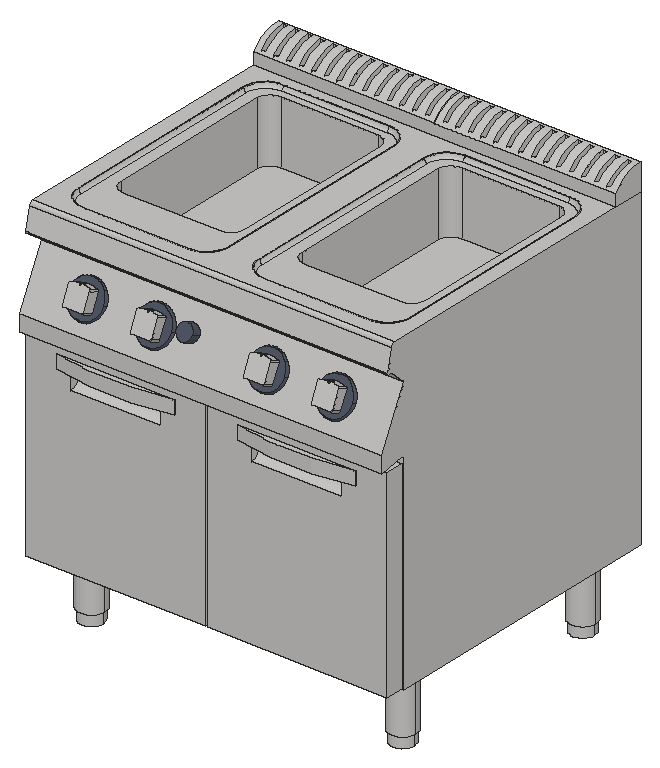
Revit family "QF_ZANUSSI_372351_Z7OOBSBAME", category Specialty Equipment, Revit 2018 (continued)
Automatic sketch dimensions
  Extrusion 9 sketch curve to Extrusion 9 sketch curve = 9.296 mm
  Extrusion 9 sketch curve to Extrusion 9 sketch curve = 57.15 mm
  plane 1 "BACK" to Extrusion 10 sketch curve = 6.761 mm
  plane 3 "LEFT" to Extrusion 10 sketch curve = 134.118 mm
  Extrusion 10 sketch curve to Extrusion 10 sketch curve = 9.296 mm
  Extrusion 10 sketch curve to Extrusion 10 sketch curve = 57.15 mm
  plane 1 "BACK" to Extrusion 11 sketch curve = 6.761 mm
  plane 3 "LEFT" to Extrusion 11 sketch curve = 161.96 mm
  Extrusion 11 sketch curve to Extrusion 11 sketch curve = 9.296 mm
  Extrusion 11 sketch curve to Extrusion 11 sketch curve = 57.15 mm
  plane 1 "BACK" to Extrusion 12 sketch curve = 6.761 mm
  plane 3 "LEFT" to Extrusion 12 sketch curve = 189.802 mm
  Extrusion 12 sketch curve to Extrusion 12 sketch curve = 9.296 mm
  Extrusion 12 sketch curve to Extrusion 12 sketch curve = 57.15 mm
  plane 1 "BACK" to Extrusion 13 sketch curve = 6.761 mm
  Extrusion 13 sketch curve to plane 7 "Center Y" = 182.405 mm
  Extrusion 13 sketch curve to Extrusion 13 sketch curve = 9.296 mm
  Extrusion 13 sketch curve to Extrusion 13 sketch curve = 57.15 mm
  plane 1 "BACK" to Extrusion 14 sketch curve = 6.761 mm
  Extrusion 14 sketch curve to plane 7 "Center Y" = 154.563 mm
  Extrusion 14 sketch curve to Extrusion 14 sketch curve = 9.296 mm
  Extrusion 14 sketch curve to Extrusion 14 sketch curve = 57.15 mm
  plane 1 "BACK" to Extrusion 15 sketch curve = 6.761 mm
  Extrusion 15 sketch curve to plane 7 "Center Y" = 126.721 mm
  Extrusion 15 sketch curve to Extrusion 15 sketch curve = 9.296 mm
  Extrusion 15 sketch curve to Extrusion 15 sketch curve = 57.15 mm
  plane 1 "BACK" to Extrusion 16 sketch curve = 6.761 mm
  Extrusion 16 sketch curve to plane 7 "Center Y" = 98.878 mm
  Extrusion 16 sketch curve to Extrusion 16 sketch curve = 9.296 mm
  Extrusion 16 sketch curve to Extrusion 16 sketch curve = 57.15 mm
  plane 1 "BACK" to Extrusion 17 sketch curve = 6.761 mm
  Extrusion 17 sketch curve to plane 7 "Center Y" = 71.036 mm
  Extrusion 17 sketch curve to Extrusion 17 sketch curve = 9.296 mm
  Extrusion 17 sketch curve to Extrusion 17 sketch curve = 57.15 mm
  plane 1 "BACK" to Extrusion 18 sketch curve = 6.761 mm
  Extrusion 18 sketch curve to plane 7 "Center Y" = 43.194 mm
  Extrusion 18 sketch curve to Extrusion 18 sketch curve = 9.296 mm
  Extrusion 18 sketch curve to Extrusion 18 sketch curve = 57.15 mm
  Extrusion 20 sketch curve to plane 1 "BACK" = 6.761 mm
  Extrusion 20 sketch curve to plane 7 "Center Y" = 15.351 mm
  Extrusion 20 sketch curve to Extrusion 20 sketch curve = 9.296 mm
  Extrusion 20 sketch curve to Extrusion 20 sketch curve = 57.15 mm
  Extrusion 27 sketch curve to plane 1 "BACK" = 6.761 mm
  Extrusion 27 sketch curve to plane 7 "Center Y" = 182.405 mm
  Extrusion 27 sketch curve to Extrusion 27 sketch curve = 9.296 mm
  Extrusion 27 sketch curve to Extrusion 27 sketch curve = 57.15 mm
  Extrusion 28 sketch curve to plane 1 "BACK" = 6.761 mm
  Extrusion 28 sketch curve to plane 7 "Center Y" = 154.563 mm
  Extrusion 28 sketch curve to Extrusion 28 sketch curve = 9.296 mm
  Extrusion 28 sketch curve to Extrusion 28 sketch curve = 57.15 mm
  Extrusion 29 sketch curve to plane 1 "BACK" = 6.761 mm
  Extrusion 29 sketch curve to plane 7 "Center Y" = 126.721 mm
  Extrusion 29 sketch curve to Extrusion 29 sketch curve = 9.296 mm
  Extrusion 29 sketch curve to Extrusion 29 sketch curve = 57.15 mm
  Extrusion 30 sketch curve to plane 1 "BACK" = 6.761 mm
  Extrusion 30 sketch curve to plane 7 "Center Y" = 98.878 mm
  Extrusion 30 sketch curve to Extrusion 30 sketch curve = 9.296 mm
  Extrusion 30 sketch curve to Extrusion 30 sketch curve = 57.15 mm
  Extrusion 31 sketch curve to plane 1 "BACK" = 6.761 mm
  Extrusion 31 sketch curve to plane 7 "Center Y" = 71.036 mm
  Extrusion 31 sketch curve to Extrusion 31 sketch curve = 9.296 mm
  Extrusion 31 sketch curve to Extrusion 31 sketch curve = 57.15 mm
  Extrusion 32 sketch curve to plane 1 "BACK" = 6.761 mm
  Extrusion 32 sketch curve to plane 7 "Center Y" = 43.194 mm
  Extrusion 32 sketch curve to Extrusion 32 sketch curve = 9.296 mm
  Extrusion 32 sketch curve to Extrusion 32 sketch curve = 57.15 mm
  plane 1 "BACK" to Extrusion 33 sketch curve = 0 mm
  plane 7 "Center Y" to Extrusion 33 sketch curve = 1.587 mm
  Extrusion 33 sketch curve to plane 7 "Center Y" = 1.588 mm
  Extrusion 33 sketch curve to Extrusion 33 sketch curve = 69.85 mm
  Revolve 34 sketch curve to level = 0 mm
  Revolve 34 sketch curve to plane 14 = 0 mm  (x2)
  level to Revolve 34 sketch curve = 25 mm
  plane 3 "LEFT" to Revolve 34 sketch curve = 56 mm
  plane 3 "LEFT" to Revolve 34 sketch curve = 29.75 mm
  plane 3 "LEFT" to Revolve 34 sketch curve = 26 mm
  Revolve 34 sketch curve to Revolve 34 sketch curve = 20 mm
  Revolve 34 sketch curve to Revolve 34 sketch curve = 0 mm
  Revolve 35 sketch curve to level = 0 mm
  Revolve 35 sketch curve to plane 14 = 0 mm  (x2)
  level to Revolve 35 sketch curve = 25 mm
  plane 3 "LEFT" to Revolve 35 sketch curve = 56 mm
  plane 3 "LEFT" to Revolve 35 sketch curve = 29.75 mm
  plane 3 "LEFT" to Revolve 35 sketch curve = 26 mm
  Revolve 35 sketch curve to Revolve 35 sketch curve = 20 mm
  Revolve 35 sketch curve to Revolve 35 sketch curve = 0 mm
  Sweep 40 sketch curve to plane 11 = 2.62 mm  (x2)
  Sweep 40 sketch curve to plane 7 "Center Y" = 33.337 mm
  plane 11 to Sweep 40 sketch curve = 47.38 mm
  Sweep 40 sketch curve to plane 12 = 57.513 mm
  Sweep 40 sketch curve to Sweep 40 sketch curve = 50 mm  (x2)
  plane 3 "LEFT" to Sweep 40 sketch curve = 83.338 mm
  profile plane to Sweep 40 sketch curve = 0 mm
  Sweep 40 sketch curve to plane 10 "TOP A" = 0 mm
  Sweep 40 sketch curve to profile plane = 5.055 mm
  Sweep 40 sketch curve to profile plane = 14.151 mm
  Extrusion 42 sketch curve to plane 5 "FRONT" = 12.909 mm
  Extrusion 42 sketch curve to plane 5 "FRONT" = 15 mm
  Extrusion 42 sketch curve to Extrusion 42 sketch curve = 22 mm
  Extrusion 42 sketch curve to plane 9 "BASE" = 83 mm
  Extrusion 42 sketch curve to Extrusion 42 sketch curve = 26 mm
  Extrusion 43 sketch curve to plane 5 "FRONT" = 15 mm
  Extrusion 43 sketch curve to plane 7 "Center Y" = 69.727 mm
  Extrusion 43 sketch curve to plane 12 = 42.135 mm
  plane 3 "LEFT" to Extrusion 43 sketch curve = 200 mm
  plane 3 "LEFT" to Extrusion 43 sketch curve = 69.727 mm
  Extrusion 43 sketch curve to Extrusion 43 sketch curve = 0.915 mm
  Extrusion 44 sketch curve to plane 5 "FRONT" = 12.909 mm
  Extrusion 44 sketch curve to plane 5 "FRONT" = 15 mm
  Extrusion 44 sketch curve to Extrusion 44 sketch curve = 22 mm
  Extrusion 44 sketch curve to plane 9 "BASE" = 83 mm
  Extrusion 44 sketch curve to Extrusion 44 sketch curve = 26 mm
  Extrusion 47 sketch curve to plane 5 "FRONT" = 9.329 mm
  Extrusion 47 sketch curve to plane 10 "TOP A" = 112.016 mm
  Extrusion 47 sketch curve to Extrusion 47 sketch curve = 3 mm
  Extrusion 47 sketch curve to Extrusion 47 sketch curve = 0 mm
  Extrusion 47 sketch curve to Extrusion 47 sketch curve = 1 mm  (x2)
  Extrusion 47 sketch curve to Extrusion 47 sketch curve = 15 mm
  plane 7 "Center Y" to Extrusion 48 sketch curve = 142.5 mm
  Extrusion 48 sketch curve to Extrusion 48 sketch curve = 35 mm  (x2)
  plane 7 "Center Y" to Extrusion 49 sketch curve = 148 mm
  Extrusion 49 sketch curve to Extrusion 49 sketch curve = 2.997 mm  (x3)
  Extrusion 49 sketch curve to Extrusion 49 sketch curve = 20.003 mm  (x2)
  Extrusion 49 sketch curve to Extrusion 49 sketch curve = 40.005 mm
  Extrusion 49 sketch curve to Extrusion 49 sketch curve = 0 mm  (x2)
  Extrusion 49 sketch curve to Extrusion 49 sketch curve = 40.037 mm
  Extrusion 49 sketch curve to Extrusion 49 sketch curve = 5.399 mm
  plane 7 "Center Y" to Blend 50 sketch curve = 125 mm  (x2)
  Split face 4 sketch curve to Split face 4 sketch curve = 5.909 mm
  Split face 4 sketch curve to Split face 4 sketch curve = 7.246 mm
  Split face 4 sketch curve to Split face 4 sketch curve = 3.443 mm
  Split face 4 sketch curve to Split face 4 sketch curve = 29.925 mm
  Split face 4 sketch curve to Split face 4 sketch curve = 2.301 mm
  Split face 4 sketch curve to Split face 4 sketch curve = 4.103 mm
  Split face 4 sketch curve to Split face 4 sketch curve = 17.932 mm
  Split face 4 sketch curve to Split face 4 sketch curve = 1.038 mm
  Split face 5 sketch curve to Split face 5 sketch curve = 3.262 mm
  Split face 5 sketch curve to Split face 5 sketch curve = 18.383 mm
  Split face 5 sketch curve to Split face 5 sketch curve = 2.301 mm
  Split face 5 sketch curve to Split face 5 sketch curve = 19.446 mm
  Split face 5 sketch curve to Split face 5 sketch curve = 1.519 mm
  Split face 5 sketch curve to Split face 5 sketch curve = 1.27 mm
  Split face 5 sketch curve to Split face 5 sketch curve = 1.944 mm
  Split face 5 sketch curve to Split face 5 sketch curve = 4.176 mm
  Split face 6 sketch curve to Split face 6 sketch curve = 2.301 mm
  Split face 6 sketch curve to Split face 6 sketch curve = 20.366 mm
  Split face 6 sketch curve to Split face 6 sketch curve = 1.542 mm
  Split face 6 sketch curve to Split face 6 sketch curve = 12.353 mm
  Split face 6 sketch curve to Split face 6 sketch curve = 1.391 mm
  Split face 6 sketch curve to Split face 6 sketch curve = 1.838 mm
  Split face 6 sketch curve to Split face 6 sketch curve = 25.358 mm
  Split face 7 sketch curve to Split face 7 sketch curve = 1.002 mm
  Split face 7 sketch curve to Split face 7 sketch curve = 2.982 mm
  Split face 7 sketch curve to Split face 7 sketch curve = 2.127 mm
  Split face 7 sketch curve to Split face 7 sketch curve = 2.188 mm
  Split face 7 sketch curve to Split face 7 sketch curve = 0.76 mm
  Split face 7 sketch curve to Split face 7 sketch curve = 0.795 mm
  Split face 7 sketch curve to Split face 7 sketch curve = 3.192 mm
  Split face 7 sketch curve to Split face 7 sketch curve = 0.559 mm
  Extrusion 51 sketch curve to plane 7 "Center Y" = 47.491 mm
  Extrusion 52 sketch curve to plane 7 "Center Y" = 47.491 mm
  Extrusion 53 sketch curve to plane 5 "FRONT" = 9.329 mm
  Extrusion 53 sketch curve to plane 10 "TOP A" = 112.016 mm
  Extrusion 53 sketch curve to Extrusion 53 sketch curve = 3 mm
  Extrusion 53 sketch curve to Extrusion 53 sketch curve = 0 mm
  Extrusion 53 sketch curve to Extrusion 53 sketch curve = 1 mm  (x2)
  Extrusion 53 sketch curve to Extrusion 53 sketch curve = 15 mm
  Extrusion 57 sketch curve to plane 5 "FRONT" = 9.329 mm
  Extrusion 57 sketch curve to plane 10 "TOP A" = 112.016 mm
  Extrusion 57 sketch curve to Extrusion 57 sketch curve = 3 mm
  Extrusion 57 sketch curve to Extrusion 57 sketch curve = 0 mm
  Extrusion 57 sketch curve to Extrusion 57 sketch curve = 1 mm  (x2)
  Extrusion 57 sketch curve to Extrusion 57 sketch curve = 15 mm
  plane 3 "LEFT" to Extrusion 58 sketch curve = 142.5 mm
  Extrusion 58 sketch curve to Extrusion 58 sketch curve = 35 mm  (x2)
  plane 3 "LEFT" to Extrusion 59 sketch curve = 148 mm
  Extrusion 59 sketch curve to Extrusion 59 sketch curve = 2.997 mm  (x3)
  Extrusion 59 sketch curve to Extrusion 59 sketch curve = 20.003 mm  (x2)
  Extrusion 59 sketch curve to Extrusion 59 sketch curve = 40.005 mm
  Extrusion 59 sketch curve to Extrusion 59 sketch curve = 0 mm  (x2)
  Extrusion 59 sketch curve to Extrusion 59 sketch curve = 40.037 mm
  Extrusion 59 sketch curve to Extrusion 59 sketch curve = 5.399 mm
  plane 3 "LEFT" to Blend 60 sketch curve = 125 mm  (x2)
  Split face 12 sketch curve to Split face 12 sketch curve = 5.909 mm
  Split face 12 sketch curve to Split face 12 sketch curve = 7.246 mm
  Split face 12 sketch curve to Split face 12 sketch curve = 3.443 mm
  Split face 12 sketch curve to Split face 12 sketch curve = 29.925 mm
  Split face 12 sketch curve to Split face 12 sketch curve = 2.301 mm
  Split face 12 sketch curve to Split face 12 sketch curve = 4.103 mm
  Split face 12 sketch curve to Split face 12 sketch curve = 17.932 mm
  Split face 12 sketch curve to Split face 12 sketch curve = 1.038 mm
  Split face 13 sketch curve to Split face 13 sketch curve = 3.262 mm
  Split face 13 sketch curve to Split face 13 sketch curve = 18.383 mm
  Split face 13 sketch curve to Split face 13 sketch curve = 2.301 mm
  Split face 13 sketch curve to Split face 13 sketch curve = 19.446 mm
  Split face 13 sketch curve to Split face 13 sketch curve = 1.519 mm
  Split face 13 sketch curve to Split face 13 sketch curve = 1.27 mm
  Split face 13 sketch curve to Split face 13 sketch curve = 1.944 mm
  Split face 13 sketch curve to Split face 13 sketch curve = 4.176 mm
  Split face 14 sketch curve to Split face 14 sketch curve = 2.301 mm
  Split face 14 sketch curve to Split face 14 sketch curve = 20.366 mm
  Split face 14 sketch curve to Split face 14 sketch curve = 1.542 mm
  Split face 14 sketch curve to Split face 14 sketch curve = 12.353 mm
  Split face 14 sketch curve to Split face 14 sketch curve = 1.391 mm
  Split face 14 sketch curve to Split face 14 sketch curve = 1.838 mm
  Split face 14 sketch curve to Split face 14 sketch curve = 25.358 mm
  Split face 15 sketch curve to Split face 15 sketch curve = 1.002 mm
  Split face 15 sketch curve to Split face 15 sketch curve = 2.982 mm
  Split face 15 sketch curve to Split face 15 sketch curve = 2.127 mm
  Split face 15 sketch curve to Split face 15 sketch curve = 2.188 mm
  Split face 15 sketch curve to Split face 15 sketch curve = 0.76 mm
  Split face 15 sketch curve to Split face 15 sketch curve = 0.795 mm
  Split face 15 sketch curve to Split face 15 sketch curve = 3.192 mm
  Split face 15 sketch curve to Split face 15 sketch curve = 0.559 mm
  Extrusion 61 sketch curve to plane 5 "FRONT" = 9.329 mm
  Extrusion 61 sketch curve to plane 10 "TOP A" = 112.016 mm
  Extrusion 61 sketch curve to Extrusion 61 sketch curve = 3 mm
  Extrusion 61 sketch curve to Extrusion 61 sketch curve = 0 mm
  Extrusion 61 sketch curve to Extrusion 61 sketch curve = 1 mm  (x2)
  Extrusion 61 sketch curve to Extrusion 61 sketch curve = 15 mm
  Extrusion 62 sketch curve to plane 7 "Center Y" = 107.5 mm
  Extrusion 62 sketch curve to Extrusion 62 sketch curve = 35 mm  (x2)
  Extrusion 63 sketch curve to plane 7 "Center Y" = 102 mm
  Extrusion 63 sketch curve to Extrusion 63 sketch curve = 2.997 mm  (x3)
  Extrusion 63 sketch curve to Extrusion 63 sketch curve = 20.003 mm  (x2)
  Extrusion 63 sketch curve to Extrusion 63 sketch curve = 40.005 mm
  Extrusion 63 sketch curve to Extrusion 63 sketch curve = 0 mm  (x2)
  Extrusion 63 sketch curve to Extrusion 63 sketch curve = 40.037 mm
  Extrusion 63 sketch curve to Extrusion 63 sketch curve = 5.399 mm
  Blend 64 sketch curve to plane 7 "Center Y" = 125 mm  (x2)
  Split face 16 sketch curve to Split face 16 sketch curve = 6 mm
  Split face 16 sketch curve to Split face 16 sketch curve = 30.402 mm
  Split face 16 sketch curve to Split face 16 sketch curve = 9.201 mm
  Split face 16 sketch curve to Split face 16 sketch curve = 2.43 mm
  Split face 16 sketch curve to Split face 16 sketch curve = 0.785 mm
  Extrusion 65 sketch curve to plane 9 "BASE" = 0 mm
  plane 7 "Center Y" to Extrusion 65 sketch curve = 2.13 mm
  plane 14 to Extrusion 65 sketch curve = 5 mm
  Extrusion 65 sketch curve to plane 7 "Center Y" = 2.13 mm
  Extrusion 2 sketch curve to plane 10 "TOP A" = 0 mm
  Extrusion 2 sketch curve to plane 1 "BACK" = 0 mm
  Extrusion 2 sketch curve to plane 6 "TOP" = 0 mm
  plane 1 "BACK" to Extrusion 2 sketch curve = 1.769 mm
  plane 10 "TOP A" to Extrusion 2 sketch curve = 25.4 mm
  plane 1 "BACK" to Extrusion 2 sketch curve = 69.85 mm
  Extrusion 3 sketch curve to plane 12 = 7.513 mm  (x3)
  Extrusion 3 sketch curve to plane 4 "RIGHT" = 33.338 mm
  Extrusion 3 sketch curve to plane 12 = 57.513 mm
  Extrusion 3 sketch curve to plane 11 = 2.62 mm  (x3)
  Extrusion 3 sketch curve to Extrusion 3 sketch curve = 50 mm  (x4)
  plane 7 "Center Y" to Extrusion 3 sketch curve = 83.337 mm
  Extrusion 3 sketch curve to plane 7 "Center Y" = 33.337 mm
  plane 3 "LEFT" to Extrusion 3 sketch curve = 83.338 mm  (x2)
  plane 5 "FRONT" to Extrusion 5 sketch curve = 0 mm  (x2)
  plane 1 "BACK" to Extrusion 5 sketch curve = 0 mm
  Extrusion 5 sketch curve to plane 3 "LEFT" = 0 mm
  Extrusion 5 sketch curve to plane 4 "RIGHT" = 0 mm
  Extrusion 5 sketch curve to plane 3 "LEFT" = 150.019 mm
  plane 4 "RIGHT" to Extrusion 5 sketch curve = 150.019 mm
  Extrusion 5 sketch curve to plane 1 "BACK" = 150.019 mm
  curve 128 to curve 150 = 0 mm  (x2)
  curve 130 to curve 144 = 0 mm
  curve 132 to curve 146 = 0 mm  (x2)
  curve 134 to curve 148 = 0 mm  (x2)
  curve 152 to curve 174 = 0 mm  (x2)
  curve 154 to curve 168 = 0 mm  (x2)
  curve 156 to curve 170 = 0 mm  (x2)
  curve 158 to curve 172 = 0 mm
  plane 1 "BACK" to curve 4 = 0 mm
  curve 4 to plane 4 "RIGHT" = 0 mm
  curve 97 to plane 4 "RIGHT" = 0 mm
  plane 5 "FRONT" to curve 98 = 0 mm
  plane 5 "FRONT" to curve 97 = 0 mm
  plane 5 "FRONT" to curve 95 = 0 mm
  plane 5 "FRONT" to curve 96 = 0 mm
  curve 4 to plane 3 "LEFT" = 0 mm
  curve 95 to plane 3 "LEFT" = 0 mm
  plane 5 "FRONT" to curve 5 = 0 mm
  plane 5 "FRONT" to curve 6 = 0 mm
  plane 4 "RIGHT" to curve 3 = 150.019 mm
  curve 52 to plane 4 "RIGHT" = 13.453 mm
  curve 51 to curve 50 = 9.296 mm
  curve 155 to plane 11 = 2.62 mm
  curve 155 to plane 4 "RIGHT" = 33.338 mm
  curve 155 to curve 169 = 5.055 mm
  plane 1 "BACK" to curve 58 = 6.761 mm
  curve 50 to curve 58 = 18.547 mm
  curve 57 to curve 56 = 9.296 mm
  curve 165 to plane 4 "RIGHT" = 63.338 mm
  plane 1 "BACK" to curve 61 = 6.761 mm
  curve 56 to curve 61 = 18.547 mm
  curve 60 to curve 61 = 9.296 mm
  curve 59 to curve 153 = 4.904 mm
  plane 11 to curve 157 = 47.38 mm
  curve 164 to curve 164 = 30 mm
  curve 154 to curve 166 = 10 mm
  plane 1 "BACK" to curve 63 = 6.761 mm
  curve 59 to curve 63 = 18.547 mm
  curve 63 to curve 64 = 9.296 mm
  plane 1 "BACK" to curve 66 = 6.761 mm
  curve 62 to curve 66 = 18.547 mm
  curve 66 to curve 65 = 9.296 mm
  plane 1 "BACK" to curve 69 = 6.761 mm
  curve 65 to curve 69 = 18.547 mm
  curve 69 to curve 70 = 9.296 mm
  plane 1 "BACK" to curve 72 = 6.761 mm
  curve 68 to curve 72 = 18.547 mm
  curve 72 to curve 71 = 9.296 mm
  plane 1 "BACK" to curve 75 = 6.761 mm
  curve 71 to curve 75 = 18.547 mm
  curve 75 to curve 76 = 9.296 mm
  plane 1 "BACK" to curve 79 = 6.761 mm
  curve 74 to curve 79 = 18.547 mm
  curve 78 to curve 79 = 9.296 mm
  plane 1 "BACK" to curve 81 = 6.761 mm
  curve 77 to curve 81 = 18.547 mm
  curve 81 to curve 80 = 9.296 mm
  plane 1 "BACK" to curve 85 = 6.761 mm
  curve 80 to curve 85 = 18.547 mm
  curve 84 to curve 83 = 9.296 mm
  plane 7 "Center Y" to curve 162 = 93.338 mm
  curve 83 to curve 159 = 5.541 mm
  plane 7 "Center Y" to curve 171 = 83.338 mm
  curve 160 to curve 174 = 10 mm
  plane 1 "BACK" to curve 88 = 6.761 mm
  curve 83 to curve 88 = 18.547 mm
  curve 87 to curve 86 = 9.296 mm
  curve 162 to curve 161 = 30.05 mm
  plane 7 "Center Y" to curve 98 = 54.971 mm
  plane 1 "BACK" to curve 91 = 6.761 mm
  curve 86 to curve 91 = 18.547 mm
  curve 90 to curve 89 = 9.296 mm
  curve 173 to plane 12 = 7.563 mm
  curve 160 to curve 173 = 24.895 mm
  plane 1 "BACK" to curve 54 = 6.761 mm
  curve 89 to curve 54 = 18.547 mm
  curve 54 to curve 53 = 9.296 mm
  plane 7 "Center Y" to curve 94 = 1.587 mm
  curve 93 to plane 7 "Center Y" = 1.588 mm
  plane 1 "BACK" to curve 11 = 6.761 mm
  curve 93 to curve 11 = 13.764 mm
  curve 11 to curve 13 = 9.296 mm
  curve 127 to plane 11 = 2.62 mm
  curve 127 to plane 7 "Center Y" = 33.338 mm
  curve 127 to curve 149 = 5.055 mm
  plane 1 "BACK" to curve 47 = 6.761 mm
  curve 12 to curve 47 = 18.547 mm
  curve 47 to curve 49 = 9.296 mm
  curve 96 to plane 7 "Center Y" = 54.971 mm
  curve 137 to plane 7 "Center Y" = 63.337 mm
  plane 1 "BACK" to curve 46 = 6.761 mm
  curve 48 to curve 46 = 18.547 mm
  curve 44 to curve 46 = 9.296 mm
  curve 148 to curve 148 = 44.945 mm
  curve 150 to plane 12 = 7.513 mm
  curve 137 to curve 150 = 20 mm
  curve 143 to curve 135 = 10 mm
  curve 137 to curve 139 = 30 mm
  plane 1 "BACK" to curve 41 = 6.761 mm
  curve 45 to curve 41 = 18.547 mm
  curve 41 to curve 42 = 9.296 mm
  plane 1 "BACK" to curve 40 = 6.761 mm
  curve 42 to curve 40 = 18.547 mm
  curve 38 to curve 40 = 9.296 mm
  plane 1 "BACK" to curve 35 = 6.761 mm
  curve 39 to curve 35 = 18.547 mm
  curve 35 to curve 37 = 9.296 mm
  plane 1 "BACK" to curve 34 = 6.761 mm
  curve 36 to curve 34 = 18.547 mm
  curve 32 to curve 34 = 9.296 mm
  plane 1 "BACK" to curve 31 = 6.761 mm
  curve 33 to curve 31 = 18.547 mm
  curve 29 to curve 30 = 9.296 mm
  plane 1 "BACK" to curve 28 = 6.761 mm
  curve 30 to curve 28 = 18.547 mm
  curve 26 to curve 28 = 9.296 mm
  plane 1 "BACK" to curve 23 = 6.761 mm
  curve 27 to curve 23 = 18.547 mm
  curve 23 to curve 25 = 9.296 mm
  plane 1 "BACK" to curve 20 = 6.761 mm
  curve 24 to curve 20 = 18.547 mm
  curve 20 to curve 22 = 9.296 mm
  plane 3 "LEFT" to curve 139 = 93.338 mm
  curve 142 to plane 12 = 7.513 mm
  curve 21 to curve 142 = 3.642 mm
  curve 146 to plane 11 = 2.62 mm
  curve 139 to curve 146 = 10 mm
  curve 142 to curve 143 = 10 mm
  plane 1 "BACK" to curve 17 = 6.761 mm
  curve 21 to curve 17 = 18.547 mm
  curve 17 to curve 18 = 9.296 mm
  curve 144 to curve 141 = 20 mm
  plane 1 "BACK" to curve 14 = 6.761 mm
  curve 18 to curve 14 = 18.547 mm
  curve 14 to curve 15 = 9.296 mm
  plane 1 "BACK" to curve 9 = 6.761 mm
  curve 15 to curve 9 = 18.547 mm
  curve 7 to curve 9 = 9.296 mm
  curve 1 to plane 3 "LEFT" = 150.019 mm
  curve 2 to plane 1 "BACK" = 150.019 mm
  plane 1 "BACK" to curve 50 = 6.761 mm
  curve 11 to curve 10 = 63.089 mm
  curve 10 to curve 94 = 0 mm
  curve 167 to curve 159 = 14.945 mm
  curve 161 to curve 158 = 80 mm
  curve 140 to curve 132 = 80 mm
  curve 95 to plane 5 "FRONT" = 42.863 mm
  curve 97 to plane 5 "FRONT" = 42.863 mm
  plane 5 "FRONT" to curve 96 = 156.356 mm
  curve 95 to curve 98 = 0 mm
  curve 98 to curve 157 = 9.097 mm
  curve 60 to curve 154 = 26.213 mm
  curve 62 to curve 154 = 26.213 mm
  curve 62 to curve 63 = 0 mm
  curve 59 to curve 60 = 0 mm
  curve 60 to curve 57 = 0 mm
  curve 56 to curve 57 = 0 mm
  curve 54 to curve 92 = 5.939 mm
  curve 65 to curve 62 = 0 mm
  curve 65 to curve 66 = 0 mm
  curve 53 to curve 54 = 0 mm
  curve 51 to curve 94 = 5.939 mm
  curve 50 to curve 51 = 0 mm
  curve 48 to curve 128 = 26.213 mm
  curve 68 to curve 65 = 0 mm
  curve 68 to curve 69 = 0 mm
  curve 48 to curve 47 = 0 mm
  curve 45 to curve 128 = 26.213 mm
  curve 45 to curve 44 = 0 mm
  curve 42 to curve 45 = 0 mm
  curve 71 to curve 68 = 0 mm
  curve 71 to curve 72 = 0 mm
  curve 42 to curve 41 = 0 mm
  curve 39 to curve 42 = 0 mm
  curve 39 to curve 38 = 0 mm
  curve 36 to curve 39 = 0 mm
  curve 74 to curve 71 = 0 mm
  curve 74 to curve 75 = 0 mm
  curve 36 to curve 35 = 0 mm
  curve 33 to curve 36 = 0 mm
  curve 33 to curve 32 = 0 mm
  curve 30 to curve 33 = 0 mm
  curve 77 to curve 74 = 0 mm
  curve 77 to curve 78 = 0 mm
  curve 30 to curve 29 = 0 mm
  curve 27 to curve 30 = 0 mm
  curve 27 to curve 26 = 0 mm
  curve 24 to curve 27 = 0 mm
  curve 80 to curve 77 = 0 mm
  curve 80 to curve 81 = 0 mm
  curve 24 to curve 23 = 0 mm
  curve 21 to curve 24 = 0 mm
  curve 21 to curve 20 = 0 mm
  curve 18 to curve 21 = 0 mm
  curve 83 to curve 80 = 0 mm
  curve 83 to curve 84 = 0 mm
  curve 18 to curve 17 = 0 mm
  curve 15 to curve 18 = 0 mm
  curve 15 to curve 14 = 0 mm
  curve 47 to curve 12 = 0 mm
  curve 86 to curve 83 = 0 mm
  curve 86 to curve 87 = 0 mm
  curve 12 to curve 11 = 0 mm
  curve 7 to curve 15 = 0 mm
  curve 90 to curve 86 = 0 mm
  curve 8 to curve 7 = 0 mm
  curve 89 to curve 90 = 0 mm
  plane 5 "FRONT" to curve 1 = 1.377 mm
  plane 5 "FRONT" to curve 3 = 1.377 mm
  Extrusion 19 sketch curve to plane 1 "BACK" = 6.761 mm
  plane 4 "RIGHT" to Extrusion 19 sketch curve = 22.749 mm
  Extrusion 19 sketch curve to Extrusion 19 sketch curve = 9.296 mm
  Extrusion 19 sketch curve to Extrusion 19 sketch curve = 57.15 mm
  Extrusion 21 sketch curve to plane 1 "BACK" = 6.761 mm
  plane 4 "RIGHT" to Extrusion 21 sketch curve = 50.591 mm
  Extrusion 21 sketch curve to Extrusion 21 sketch curve = 9.296 mm
  Extrusion 21 sketch curve to Extrusion 21 sketch curve = 57.15 mm
  Extrusion 22 sketch curve to plane 1 "BACK" = 6.761 mm
  plane 4 "RIGHT" to Extrusion 22 sketch curve = 78.433 mm
  Extrusion 22 sketch curve to Extrusion 22 sketch curve = 9.296 mm
  Extrusion 22 sketch curve to Extrusion 22 sketch curve = 57.15 mm
  Extrusion 23 sketch curve to plane 1 "BACK" = 6.761 mm
  plane 4 "RIGHT" to Extrusion 23 sketch curve = 106.275 mm
  Extrusion 23 sketch curve to Extrusion 23 sketch curve = 9.296 mm
  Extrusion 23 sketch curve to Extrusion 23 sketch curve = 57.15 mm
  Extrusion 24 sketch curve to plane 1 "BACK" = 6.761 mm
  plane 4 "RIGHT" to Extrusion 24 sketch curve = 134.118 mm
  Extrusion 24 sketch curve to Extrusion 24 sketch curve = 9.296 mm
  Extrusion 24 sketch curve to Extrusion 24 sketch curve = 57.15 mm
  Extrusion 25 sketch curve to plane 1 "BACK" = 6.761 mm
  plane 4 "RIGHT" to Extrusion 25 sketch curve = 161.96 mm
  Extrusion 25 sketch curve to Extrusion 25 sketch curve = 9.296 mm
  Extrusion 25 sketch curve to Extrusion 25 sketch curve = 57.15 mm
  Extrusion 26 sketch curve to plane 1 "BACK" = 6.761 mm
  plane 4 "RIGHT" to Extrusion 26 sketch curve = 189.802 mm
  Extrusion 26 sketch curve to Extrusion 26 sketch curve = 9.296 mm
  Extrusion 26 sketch curve to Extrusion 26 sketch curve = 57.15 mm
  Revolve 36 sketch curve to level = 0 mm
  Revolve 36 sketch curve to plane 14 = 0 mm  (x2)
  level to Revolve 36 sketch curve = 25 mm
  Revolve 36 sketch curve to plane 4 "RIGHT" = 26 mm
  Revolve 36 sketch curve to Revolve 36 sketch curve = 3.75 mm
  Revolve 36 sketch curve to Revolve 36 sketch curve = 30 mm
  Revolve 36 sketch curve to Revolve 36 sketch curve = 20 mm
  Revolve 36 sketch curve to Revolve 36 sketch curve = 0 mm
  Revolve 37 sketch curve to level = 0 mm
  Revolve 37 sketch curve to plane 14 = 0 mm  (x2)
  level to Revolve 37 sketch curve = 25 mm
  Revolve 37 sketch curve to plane 4 "RIGHT" = 26 mm
  Revolve 37 sketch curve to Revolve 37 sketch curve = 3.75 mm
  Revolve 37 sketch curve to Revolve 37 sketch curve = 30 mm
  plane 14 to Revolve 37 sketch curve = 20 mm
  Revolve 37 sketch curve to Revolve 37 sketch curve = 0 mm
  Extrusion 38 sketch curve to plane 11 = 16.884 mm
  Extrusion 39 sketch curve to plane 11 = 2.62 mm  (x4)
  Extrusion 39 sketch curve to plane 4 "RIGHT" = 33.338 mm
  Extrusion 39 sketch curve to plane 4 "RIGHT" = 63.338 mm
  Extrusion 39 sketch curve to plane 12 = 7.513 mm  (x6)
  Extrusion 39 sketch curve to Extrusion 39 sketch curve = 20 mm  (x2)
  plane 11 to Extrusion 39 sketch curve = 47.38 mm
  Extrusion 39 sketch curve to Extrusion 39 sketch curve = 30 mm  (x4)
  Extrusion 39 sketch curve to Extrusion 39 sketch curve = 10 mm  (x5)
  plane 7 "Center Y" to Extrusion 39 sketch curve = 93.337 mm  (x2)
  plane 7 "Center Y" to Extrusion 39 sketch curve = 83.337 mm
  Extrusion 39 sketch curve to plane 7 "Center Y" = 33.338 mm
  Extrusion 39 sketch curve to Extrusion 39 sketch curve = 50 mm
  plane 3 "LEFT" to Extrusion 39 sketch curve = 93.338 mm
  Extrusion 39 sketch curve to Extrusion 39 sketch curve = 80 mm  (x2)
  Sweep 41 sketch curve to plane 11 = 2.62 mm  (x2)
  plane 7 "Center Y" to Sweep 41 sketch curve = 33.337 mm
  plane 11 to Sweep 41 sketch curve = 47.38 mm
  Sweep 41 sketch curve to plane 12 = 57.513 mm
  Sweep 41 sketch curve to Sweep 41 sketch curve = 50 mm  (x2)
  Sweep 41 sketch curve to plane 4 "RIGHT" = 83.338 mm
  Sweep 41 sketch curve to plane 10 "TOP A" = 0 mm
  profile plane to Sweep 41 sketch curve = 0 mm
  Sweep 41 sketch curve to Sweep 41 sketch curve = 5.055 mm
  Sweep 41 sketch curve to Sweep 41 sketch curve = 14.151 mm
  Extrusion 45 sketch curve to plane 5 "FRONT" = 15 mm
  Extrusion 45 sketch curve to plane 4 "RIGHT" = 69.727 mm
  Extrusion 45 sketch curve to plane 12 = 42.135 mm
  Extrusion 45 sketch curve to plane 4 "RIGHT" = 200 mm
  plane 7 "Center Y" to Extrusion 45 sketch curve = 69.727 mm
  Extrusion 45 sketch curve to Extrusion 45 sketch curve = 0.915 mm
  Extrusion 46 sketch curve to plane 4 "RIGHT" = 0 mm
  Extrusion 46 sketch curve to plane 3 "LEFT" = 0 mm
  Extrusion 46 sketch curve to plane 4 "RIGHT" = 12.169 mm
  plane 7 "Center Y" to Extrusion 46 sketch curve = 2.13 mm
  Extrusion 46 sketch curve to plane 7 "Center Y" = 2.13 mm
  plane 3 "LEFT" to Extrusion 46 sketch curve = 12.169 mm
  Extrusion 46 sketch curve to plane 5 "FRONT" = 27.6 mm
  Extrusion 46 sketch curve to Extrusion 46 sketch curve = 0 mm
  Extrusion 46 sketch curve to Extrusion 46 sketch curve = 0.091 mm  (x2)
  Extrusion 54 sketch curve to plane 4 "RIGHT" = 107.5 mm
  Extrusion 54 sketch curve to Extrusion 54 sketch curve = 35 mm  (x2)
  Extrusion 55 sketch curve to plane 4 "RIGHT" = 102 mm
  Extrusion 55 sketch curve to Extrusion 55 sketch curve = 2.997 mm  (x3)
  Extrusion 55 sketch curve to Extrusion 55 sketch curve = 20.003 mm  (x2)
  Extrusion 55 sketch curve to Extrusion 55 sketch curve = 40.005 mm
  Extrusion 55 sketch curve to Extrusion 55 sketch curve = 0 mm  (x2)
  Extrusion 55 sketch curve to Extrusion 55 sketch curve = 40.037 mm
  Extrusion 55 sketch curve to Extrusion 55 sketch curve = 5.399 mm
  Blend 56 sketch curve to plane 4 "RIGHT" = 125 mm  (x2)
  Split face 8 sketch curve to Split face 8 sketch curve = 6 mm
  Split face 8 sketch curve to Split face 8 sketch curve = 30.402 mm
  Split face 8 sketch curve to Split face 8 sketch curve = 9.201 mm
  Split face 8 sketch curve to Split face 8 sketch curve = 2.43 mm
  Split face 8 sketch curve to Split face 8 sketch curve = 0.785 mm
  curve 132 to curve 96 = 9.097 mm
  curve 210 to plane 3 "LEFT" = 0 mm
  curve 175 to plane 3 "LEFT" = 0 mm
  curve 175 to plane 4 "RIGHT" = 0 mm
  curve 244 to plane 4 "RIGHT" = 0 mm
  plane 3 "LEFT" to curve 176 = 102 mm
  curve 177 to curve 177 = 0.809 mm
  curve 180 to curve 180 = 1.583 mm
  curve 177 to curve 178 = 1.846 mm
  curve 177 to curve 191 = 2.189 mm
  curve 176 to curve 179 = 11.892 mm
  curve 180 to curve 182 = 20.417 mm
  curve 191 to curve 181 = 19.134 mm
  curve 181 to curve 190 = 1.738 mm
  curve 182 to curve 184 = 2 mm
  curve 179 to curve 188 = 22.215 mm
  curve 183 to curve 191 = 19.003 mm
  curve 187 to curve 187 = 0.343 mm
  curve 187 to curve 189 = 1.071 mm
  curve 187 to curve 186 = 2.189 mm
  curve 186 to curve 185 = 0.809 mm
  curve 185 to curve 201 = 104 mm
  curve 202 to curve 202 = 0.809 mm
  curve 205 to curve 205 = 1.583 mm
  curve 202 to curve 203 = 1.846 mm
  curve 202 to curve 207 = 2.189 mm
  curve 201 to curve 204 = 11.892 mm
  curve 205 to curve 200 = 20.417 mm
  curve 207 to curve 206 = 19.134 mm
  curve 206 to curve 197 = 1.738 mm
  curve 199 to curve 199 = 2 mm
  curve 204 to curve 195 = 22.215 mm
  curve 198 to curve 207 = 19.003 mm
  curve 194 to curve 194 = 0.343 mm
  curve 194 to curve 196 = 1.071 mm
  curve 194 to curve 193 = 2.189 mm
  curve 193 to curve 192 = 0.809 mm
  plane 7 "Center Y" to curve 211 = 102 mm
  curve 212 to curve 212 = 0.809 mm
  curve 215 to curve 215 = 1.583 mm
  curve 212 to curve 213 = 1.846 mm
  curve 212 to curve 226 = 2.189 mm
  curve 211 to curve 214 = 11.892 mm
  curve 215 to curve 218 = 20.417 mm
  curve 213 to curve 216 = 19.134 mm
  curve 216 to curve 225 = 1.738 mm
  curve 217 to curve 219 = 2 mm
  curve 214 to curve 223 = 22.215 mm
  curve 218 to curve 226 = 19.003 mm
  curve 226 to curve 222 = 0.343 mm
  curve 222 to curve 224 = 1.071 mm
  curve 226 to curve 221 = 2.189 mm
  curve 221 to curve 220 = 0.809 mm
  curve 220 to curve 236 = 104 mm
  curve 237 to curve 237 = 0.809 mm
  curve 240 to curve 240 = 1.583 mm
  curve 237 to curve 238 = 1.846 mm
  curve 237 to curve 242 = 2.189 mm
  curve 236 to curve 239 = 11.892 mm
  curve 240 to curve 235 = 20.417 mm
  curve 238 to curve 241 = 19.134 mm
  curve 241 to curve 232 = 1.738 mm
  curve 234 to curve 234 = 2 mm
  curve 239 to curve 230 = 22.215 mm
  curve 233 to curve 242 = 19.003 mm
  curve 242 to curve 229 = 0.343 mm
  curve 229 to curve 231 = 1.071 mm
  curve 242 to curve 228 = 2.189 mm
  curve 228 to curve 227 = 0.809 mm
  plane 5 "FRONT" to curve 197 = 97.519 mm
  curve 206 to curve 197 = 0 mm
  curve 197 to curve 225 = 0 mm
  curve 181 to curve 206 = 0 mm
  curve 181 to curve 190 = 0 mm
  curve 216 to curve 225 = 0 mm
  curve 225 to curve 241 = 0 mm
  curve 241 to curve 232 = 0 mm
  curve 206 to curve 207 = 86.839 mm
  curve 232 to curve 242 = 86.839 mm
  curve 181 to curve 191 = 86.839 mm
  curve 216 to curve 226 = 86.839 mm
  curve 242 to curve 236 = 1.333 mm
  curve 226 to curve 220 = 1.333 mm
  curve 203 to curve 202 = 1.333 mm
  curve 187 to curve 185 = 1.333 mm
  curve 226 to curve 212 = 1.333 mm
  curve 242 to curve 228 = 1.333 mm
  curve 194 to curve 192 = 1.333 mm
  curve 178 to curve 176 = 1.333 mm
  curve 202 to curve 203 = 2.779 mm
  curve 237 to curve 238 = 2.779 mm
  curve 221 to curve 222 = 2.779 mm
  curve 193 to curve 194 = 2.779 mm
  curve 228 to curve 229 = 2.779 mm
  curve 186 to curve 187 = 2.779 mm
  curve 177 to curve 178 = 2.779 mm
  curve 212 to curve 213 = 2.779 mm
  curve 194 to curve 196 = 14.462 mm
  curve 238 to curve 240 = 14.462 mm
  curve 229 to curve 231 = 14.462 mm
  curve 222 to curve 224 = 14.462 mm
  curve 187 to curve 189 = 14.462 mm
  curve 213 to curve 215 = 14.462 mm
  curve 178 to curve 180 = 14.462 mm
  curve 203 to curve 205 = 14.462 mm
  curve 224 to curve 219 = 1.435 mm
  curve 180 to curve 183 = 1.435 mm
  curve 205 to curve 200 = 1.435 mm
  curve 231 to curve 233 = 1.435 mm
  curve 183 to curve 188 = 41.91 mm
  curve 234 to curve 239 = 41.91 mm
  curve 217 to curve 214 = 41.91 mm
  curve 239 to curve 230 = 0 mm
  curve 198 to curve 195 = 41.91 mm
  curve 179 to curve 188 = 0 mm
  curve 204 to curve 195 = 0 mm
  curve 214 to curve 223 = 0 mm
  plane 3 "LEFT" to curve 99 = 13.453 mm
  curve 99 to curve 99 = 9.296 mm
  curve 99 to curve 101 = 18.547 mm
  curve 101 to curve 101 = 9.296 mm
  curve 101 to curve 102 = 18.547 mm
  curve 102 to curve 102 = 9.296 mm
  curve 179 to curve 176 = 9.809 mm
  curve 102 to curve 103 = 18.547 mm
  curve 181 to curve 180 = 0.284 mm
  curve 103 to curve 103 = 9.296 mm
  curve 103 to curve 104 = 18.547 mm
  curve 104 to curve 104 = 9.296 mm
  curve 189 to curve 189 = 0.284 mm
  curve 104 to curve 105 = 18.547 mm
  curve 185 to curve 188 = 9.809 mm
  curve 105 to curve 105 = 9.296 mm
  curve 105 to curve 106 = 18.547 mm
  curve 106 to curve 106 = 9.296 mm
  curve 106 to curve 107 = 18.547 mm
  curve 107 to curve 107 = 9.296 mm
  curve 107 to curve 108 = 18.547 mm
  curve 204 to curve 201 = 9.809 mm
  curve 108 to curve 108 = 9.296 mm
  curve 205 to curve 205 = 0.284 mm
  curve 108 to curve 109 = 18.547 mm
  curve 109 to curve 109 = 9.296 mm
  curve 109 to curve 110 = 18.547 mm
  curve 196 to curve 197 = 0.284 mm
  curve 110 to curve 110 = 9.296 mm
  curve 192 to curve 195 = 9.809 mm
  curve 110 to curve 111 = 18.547 mm
  curve 111 to curve 111 = 9.296 mm
  curve 111 to curve 112 = 18.547 mm
  curve 112 to curve 112 = 9.296 mm
  curve 112 to curve 100 = 18.547 mm
  curve 100 to curve 100 = 9.296 mm
  plane 7 "Center Y" to curve 114 = 15.351 mm
  curve 114 to curve 114 = 9.296 mm
  curve 114 to curve 126 = 18.547 mm
  curve 126 to curve 126 = 9.296 mm
  curve 126 to curve 125 = 18.547 mm
  curve 125 to curve 125 = 9.296 mm
  curve 214 to curve 211 = 9.809 mm
  curve 125 to curve 124 = 18.547 mm
  curve 216 to curve 215 = 0.284 mm
  curve 124 to curve 124 = 9.296 mm
  curve 124 to curve 123 = 18.547 mm
  curve 123 to curve 123 = 9.296 mm
  curve 224 to curve 225 = 0.284 mm
  curve 123 to curve 122 = 18.547 mm
  curve 220 to curve 223 = 9.809 mm
  curve 122 to curve 122 = 9.296 mm
  curve 122 to curve 121 = 18.547 mm
  curve 121 to curve 121 = 9.296 mm
  curve 121 to curve 120 = 18.547 mm
  curve 120 to curve 120 = 9.296 mm
  curve 120 to curve 119 = 18.547 mm
  curve 239 to curve 236 = 9.809 mm
  curve 119 to curve 119 = 9.296 mm
  curve 241 to curve 240 = 0.284 mm
  curve 119 to curve 118 = 18.547 mm
  curve 118 to curve 118 = 9.296 mm
  curve 118 to curve 117 = 18.547 mm
  curve 231 to curve 232 = 0.284 mm
  curve 117 to curve 117 = 9.296 mm
  curve 227 to curve 230 = 9.809 mm
  curve 117 to curve 116 = 18.547 mm
  curve 116 to curve 116 = 9.296 mm
  curve 116 to curve 115 = 18.547 mm
  curve 115 to curve 115 = 9.296 mm
  curve 115 to curve 113 = 18.547 mm
  curve 113 to curve 113 = 9.296 mm
  curve 178 to curve 210 = 6.567 mm
  curve 238 to curve 243 = 6.567 mm
  curve 229 to curve 244 = 6.567 mm
  curve 187 to curve 208 = 6.567 mm
  curve 194 to curve 209 = 6.567 mm
  curve 215 to curve 215 = 0.567 mm
  curve 196 to curve 196 = 0.567 mm
  curve 205 to curve 205 = 0.567 mm
  curve 189 to curve 189 = 0.567 mm
  curve 240 to curve 240 = 0.567 mm
  curve 231 to curve 231 = 0.567 mm
  curve 224 to curve 224 = 0.567 mm
  curve 180 to curve 180 = 0.567 mm
  curve 216 to curve 214 = 1.156 mm
  plane 1 "BACK" to curve 120 = 63.911 mm
  curve 121 to curve 120 = 0 mm
  plane 1 "BACK" to curve 116 = 63.911 mm
  curve 116 to curve 115 = 0 mm
  curve 122 to curve 121 = 0 mm
  plane 1 "BACK" to curve 114 = 63.911 mm
  curve 117 to curve 116 = 0 mm
  curve 115 to curve 113 = 0 mm
  curve 112 to curve 114 = 0 mm
  curve 111 to curve 112 = 0 mm
  curve 118 to curve 117 = 0 mm
  curve 123 to curve 122 = 0 mm
  curve 110 to curve 111 = 0 mm
  curve 109 to curve 110 = 0 mm
  curve 124 to curve 123 = 0 mm
  curve 108 to curve 109 = 0 mm
  curve 107 to curve 108 = 0 mm
  curve 125 to curve 124 = 0 mm
  curve 106 to curve 107 = 0 mm
  curve 105 to curve 106 = 0 mm
  curve 104 to curve 105 = 0 mm
  curve 103 to curve 104 = 0 mm
  curve 119 to curve 118 = 0 mm
  curve 126 to curve 125 = 0 mm
  curve 102 to curve 103 = 0 mm
  curve 101 to curve 102 = 0 mm
  curve 112 to curve 100 = 0 mm
  curve 99 to curve 101 = 0 mm
  radius of Blend 50 sketch curve = 42.5 mm
  radius of Blend 50 sketch curve = 40.5 mm
  radius of Split face 1 sketch curve = 1.714 mm
  radius of Split face 2 sketch curve = 2 mm
  radius of Split face 3 sketch curve = 2 mm
  radius of Extrusion 51 sketch curve = 18 mm
  radius of Extrusion 52 sketch curve = 15 mm
  radius of Blend 60 sketch curve = 42.5 mm
  radius of Blend 60 sketch curve = 40.5 mm
  radius of Split face 9 sketch curve = 1.714 mm
  radius of Split face 10 sketch curve = 2 mm
  radius of Split face 11 sketch curve = 2 mm
  radius of Blend 64 sketch curve = 42.5 mm
  radius of Blend 64 sketch curve = 40.5 mm
  radius of Extrusion 38 sketch curve = 6.35 mm  (x2)
  radius of Extrusion 38 sketch curve = 12.7 mm  (x2)
  radius of Blend 56 sketch curve = 42.5 mm
  radius of Blend 56 sketch curve = 40.5 mm
Connectors
  piping at (632, -581, 137.3), diameter 25.4
    settings: on Extrusion 38, index 1, connector inside diameter 1", connector length 0 mm, flow factor 0, pipe flow 0 GPM, pressure drop 0.00 psi, fitting loss kfactor 0, connector angle 0.00°, fixture units 0, engagement length 0 mm, angle of deflection 0.00°, flow configuration 1, flow direction 2, fitting loss method 0, system type 16, joint type 0, gender type 0, connector reference index -1, connector utility 0, adjustable connector no, is connector primary yes, connector description "Drain"
  piping at (735, -501, 137.3), diameter 12.7, driven by "Cold Water Size"
    settings: on Extrusion 38, index 2, connector inside diameter 0.50394", connector length 0 mm, flow factor 0, pipe flow 0 GPM, pressure drop 0.00 psi, fitting loss kfactor 0, connector angle 0.00°, fixture units 0, engagement length 0 mm, angle of deflection 0.00°, flow configuration 1, flow direction 1, fitting loss method 0, system type 20, joint type 0, gender type 0, connector reference index -1, connector utility 0, adjustable connector no, is connector primary no, connector description "Cold Water Inlet"
  piping at (232, -581, 137.3), diameter 25.4
    settings: on Extrusion 38, index 3, connector inside diameter 1", connector length 0 mm, flow factor 0, pipe flow 0 GPM, pressure drop 0.00 psi, fitting loss kfactor 0, connector angle 0.00°, fixture units 0, engagement length 0 mm, angle of deflection 0.00°, flow configuration 1, flow direction 2, fitting loss method 0, system type 16, joint type 0, gender type 0, connector reference index -1, connector utility 0, adjustable connector no, is connector primary no, connector description "Drain"
  piping at (65, -503, 137.3), diameter 12.8
    settings: on Extrusion 38, index 4, connector inside diameter 0.50394", connector length 0 mm, flow factor 0, pipe flow 0 GPM, pressure drop 0.00 psi, fitting loss kfactor 0, connector angle 0.00°, fixture units 0, engagement length 0 mm, angle of deflection 0.00°, flow configuration 1, flow direction 1, fitting loss method 0, system type 7, joint type 0, gender type 0, connector reference index -1, connector utility 0, adjustable connector no, is connector primary no, connector description "Gas Inlet"
